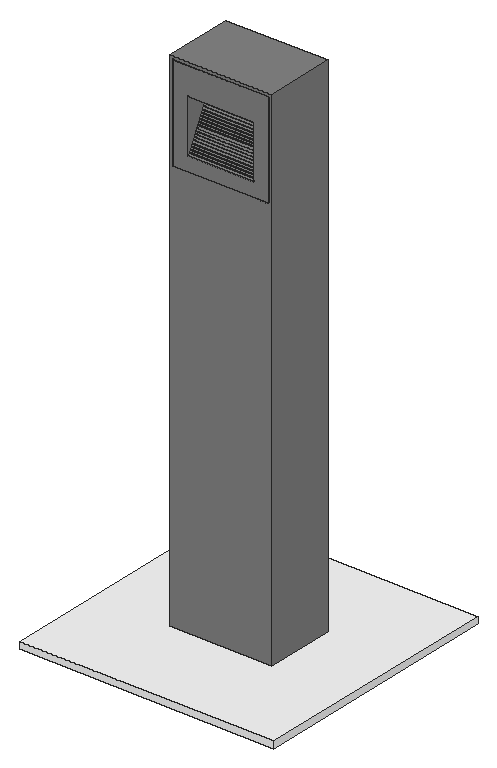
Revit family "BE_84414_de_DE", category Leuchten, Revit 2020
Family settings
  Basisbauteil = Fläche
  Bemaßung runder Anschluss = Durchmesser verwenden
  Teiletyp = Normal
  Beim Laden mit Abzugskörper schneiden = Ja
  Lichtquelle = Ja
  Gemeinsam genutzt = Nein
  Raumberechnungspunkt = Ja
Parameters (values of type "BEGA_84414_Grafit_K4")
  built-in parameter 1150104 = 18.581 (stored number, unit not read)
  Wattage = 2.9 W
  Default Elevation = 0 mm
  built-in parameter 1150113 = 1 (stored number, unit not read)
  built-in parameter 1114218 = 1 (stored number, unit not read)
  Umgebungstemperatur = "25 °C"
  URL = "https://www.bega.com/de/produkt/84414"
  Typenkommentare = "© 2022 BEGA. Wir behalten uns das Recht vor, technische Änderungen ohne vorherige Ankündigung vorzunehmen."  # constant formula
  Type Image = 84414.png
  built-in parameter 1150134 = 12
  built-in parameter 1150109 = 1 (stored number, unit not read)
  Strom = ""
  built-in parameter 1150110 = 1 (stored number, unit not read)
  Spannung = 239.996 V
  Sonderanfertigung = no
  Seriennummer [instance] = "Hier können Sie die eindeutige Seriennummer für das Facility Management eintragen."
  Schutzklasse = "I"
  Schutzart = "IP 65"
  Scheinlast = 0 VA
  Produktdatenblatt = "https://cdn.bega.com/bega/products/84414K4/current/documents/data-sheets/de"
  Neigungswinkel = 0.00°
  Modell = "84414K4"
  Material_15 = BEGA_Leuchtmedium_matt
  Material_10 = BEGA_Glas_matt
  Material_09 = BEGA_Glas_klar
  Material_01 [instance] = BEGA_Oberfläche_Grafit_matt
  M_W = no
  M_G = yes
  M_A = no
  Logo = 0
  built-in parameter 1114217 = 1 (stored number, unit not read)
  built-in parameter 1150139 = (empty or 0)
  built-in parameter 1150105 = 46.155 (stored number, unit not read)
  built-in parameter 1150114 = 1 (stored number, unit not read)
  Lumens = 580 lm
  built-in parameter 1150115 = 1 (stored number, unit not read)
  Leuchtenlichtstrom = "274 lm"
  Leuchtenanzahl = ""
  Lebensdauerkriterien = "L70B50 @ 25 °C = 200000 h"
  Lastklassifizierung = Beleuchtung
  built-in parameter 1150112 = 1 (stored number, unit not read)
  Lampenlichtstrom = "580 lm"
  Lampe = "LED 2.9 W"
  LED_Modulbezeichnung = "LED-0750/840"
  built-in parameter 1150142 = (empty or 0)
  Hersteller = "BEGA"  # constant formula
  Halbstreuwinkel = ""
  Gewicht = "8.25 kg"
  Frequenz = "0/50-60 Hz"
  Farbwiedergabeindex = "CRI > 80"
  Farbtemperaturverschiebung bei Dämpfen der Lampe = <Keine Auswahl>
  Farbtemperatur = "4000 K"
  Color Filter = 16777215
  built-in parameter 1150133 = 10 (stored number, unit not read)
  Energieeffizienzklasse = "LED A++ - A"
  built-in parameter 1150137 = (empty or 0)
  built-in parameter 1150132 = (empty or 0)
  ENEC = "ja"
  Datei für fotometrisches Netz = "BE_84414K4.IES"
  CE_Konformität = "ja"
  Bestellnummer_Erdstück [instance] = "---"
  Bestellnummer = "84414K4"
  Beschreibung_Sonderanfertigung = "Hier können Sie Informationen zur Sonderanfertigung eintragen."
  Beschreibung = "Pollerleuchte"
  built-in parameter 1150106 = 0.46155 (stored number, unit not read)
  Befestigungsbohrung = "Ø 9 mm"
  Befestigungsabstand = "125 mm"
  Ballwurfsicher = ""
  BEGA_Intern_aus = yes
  BEGA_Intern_an = yes
  BEGA_Intern_Konstruktion = yes
  BEGA_Intern = yes
  BEGA_Infotext_Winkel [instance] = no
  BEGA_Dummy = no
  Anschlussleitung = "0.5 m"
  Anschlussleistung [instance] = "4 W"
  Anschlusskasten = ""
  built-in parameter 1150107 = 4000 (stored number, unit not read)
  built-in parameter 1150102 = (empty or 0)
  built-in parameter 1150138 = (empty or 0)
  Aktualisierung = "2022-05-19T04:00:07"
  Abstand_zur_angestrahlten_Fläche [instance] = ""
  AC/DC = "AC/DC"
Types (2, lengths in mm): name | built-in parameter 1150104 | built-in parameter 1150134 | Modell | built-in parameter 1150105 | Lumens | Leuchtenlichtstrom | Lampenlichtstrom | LED_Modulbezeichnung | Farbtemperatur | Datei für fotometrisches Netz | Bestellnummer | built-in parameter 1150106 | built-in parameter 1150107
  BEGA_84414_Grafit_K3 | 18.098 (stored number, unit not read) | (empty or 0) | "84414K3" | 44.955 (stored number, unit not read) | 564.92 lm | "266 lm" | "565 lm" | "LED-0750/830" | "3000 K" | "BE_84414K3.IES" | "84414K3" | 0.44955 (stored number, unit not read) | 3000 (stored number, unit not read)
  BEGA_84414_Grafit_K4 | 18.581 (stored number, unit not read) | 12 | "84414K4" | 46.155 (stored number, unit not read) | 580 lm | "274 lm" | "580 lm" | "LED-0750/840" | "4000 K" | "BE_84414K4.IES" | "84414K4" | 0.46155 (stored number, unit not read) | 4000 (stored number, unit not read)
Reference planes
  plane 1 "Mitte (Vorne/Hinten)": y = 0
  plane 2: z = 0
  plane 3 "Mitte (Links/Rechts)": x = 0
  plane 4 "Links": x = -80
  plane 5 "Rechts": x = 80
  plane 6 "Unten": y = -55
  plane 7 "Oben": y = 55
  plane 8 "Vorne": z = 806
  plane 9 "Hinten": z = 0
Forms (mm)
  Extrusion 1, solid, material "BEGA_Platte_Weiss"
    sketch origin (0, -1119.2, 0) x (1, 0, 0) y (0, 1, 0)
      loop
        line (-200, 1319.2) -> (-200, 919.2) -> (200, 919.2) -> (200, 1319.2) -> (-200, 1319.2)
    from 0 to -10
  Extrusion 2, solid, material "BEGA_Dummy_matt", visible <- "BEGA_Dummy"
    sketch origin (80.095, -76.023, 0) x (1, 0, 0) y (0, 1, 0)
      loop
        line (-160.095, 131.023) -> (-160.095, 21.023) -> (-0.095, 21.023) -> (-0.095, 131.023) -> (-160.095, 131.023)
    from 0 to 806
Dimensions and locks
  plane 1 "Mitte (Vorne/Hinten)" to Extrusion 1 = 200 mm
  aligned and locked: Extrusion 1 to plane 2
  aligned and locked: Extrusion 1 to level
Nested families
  nested 1: "BE_84414" at (0, 0, 0), type "BE_84414"
Connectors
  electrical at (0, 0, 0), driven by "Lastklassifizierung", driven by "Spannung", driven by "Scheinlast"
    settings: index 1, voltage 239.996 V, apparent load 0 VA, apparent load phase1 0 VA, apparent load phase2 0 VA, apparent load phase3 0 VA, power factor 1, load classification "Beleuchtung", number of poles 1, system type 31, power factor state 1, is connector primary yes, connector utility no, sub classification motor no, connector description ""
Definition of nested family "BE_84414"
  Parameters (values of type "BE_84414")
    Default Elevation = 1 mm
    URL = "http://www.bega.de/de/produkt"
    Type Comments = "© 2015 BEGA. Wir behalten uns das Recht vor, technische Änderungen ohne vorherige Ankündigung vorzunehmen. "  # constant formula
    Type Image = (empty or 0)
    Material_15 = none
    Material_09 = none
    Material_01 = none
    M_W = no
    M_G = yes
    M_A = no
    Länge_Platte = 200 mm  # constant formula
    Höhe_Platte = -10 mm  # constant formula
    Manufacturer = "BEGA"  # constant formula
    Breite_Platte = 200 mm  # constant formula
  Reference planes
    plane 1 "Mitte (Oben/Unten)": y = 0
    plane 2: z = 0
    plane 3 "Mitte (Links/Rechts)": x = 0
    plane 4: x = -80
    plane 5: y = 55
    plane 6: x = 80
    plane 7: y = -55
    plane 8: z = 806
  Forms (mm)
    Extrusion 1, solid, detail levels medium
      sketch origin (0, 0, 0) x (1, 0, 0) y (0, 1, 0)
        loop
          line (-100, 100) -> (-100, -100) -> (100, -100) -> (100, 100) -> (-100, 100)
      from 0 to -10 <- "Höhe_Platte"
    Extrusion 2, solid, material <- "Material_01"
      sketch origin (0, 0, 0) x (1, 0, 0) y (0, 1, 0)
        loop
          line (-80, 55) -> (-80, -55) -> (80, -55) -> (80, 55) -> (-80, 55)
      from 0 to 806
    Extrusion 3, void
      sketch origin (0, 0, 0) x (1, 0, 0) y (0, 0, -1)
        loop
          line (52.215, -784.019) -> (52.215, -655.398) -> (-52.026, -655.398) -> (-52.026, -784.019) -> (52.215, -784.019)
      from -55 to -5.9
    Extrusion 4, void
      sketch origin (0, 0, 0) x (1, 0, 0) y (0, 0, -1)
        loop
          line (75.458, -801.5) -> (75.458, -650.5) -> (-75.542, -650.5) -> (-75.542, -801.5) -> (75.458, -801.5)
      from -55 to -49.31
    Extrusion 5, solid, material <- "Material_01"
      sketch origin (0, 0, 0) x (1, 0, 0) y (0, 0, -1)
        loop
          line (74.958, -801) -> (74.958, -651) -> (-75.042, -651) -> (-75.042, -801) -> (74.958, -801)
        loop
          line (52.215, -757.17) -> (52.215, -673.647) -> (-52.026, -673.647) -> (-52.026, -757.17) -> (52.215, -757.17)
      from -55 to -49.31
    Extrusion 6, solid, material <- "Material_01"
      sketch origin (0, 0, 0) x (0, 1, 0) y (0, 0, 1)
        loop
          line (-54.965, 673.647) -> (-52.168, 673.647) -> (-10.85, 754.737) -> (-13.046, 754.93) -> (-14.851, 752.293) -> (-14.768, 751.502) -> (-16.667, 748.729) -> (-16.584, 747.938) -> (-18.483, 745.165) -> (-18.4, 744.374) -> (-20.299, 741.601) -> (-20.216, 740.81) -> (-22.115, 738.037) -> (-22.032, 737.246) -> (-23.931, 734.473) -> (-23.848, 733.682) -> (-25.747, 730.909) -> (-25.664, 730.118) -> (-27.563, 727.345) -> (-27.48, 726.554) -> (-29.379, 723.781) -> (-29.296, 722.99) -> (-31.195, 720.217) -> (-31.112, 719.426) -> (-33.011, 716.653) -> (-32.928, 715.862) -> (-34.827, 713.089) -> (-34.744, 712.298) -> (-36.643, 709.525) -> (-36.56, 708.734) -> (-38.459, 705.961) -> (-38.375, 705.17) -> (-40.275, 702.397) -> (-40.191, 701.606) -> (-42.091, 698.832) -> (-42.007, 698.042) -> (-43.906, 695.268) -> (-43.823, 694.478) -> (-45.722, 691.704) -> (-45.639, 690.914) -> (-47.538, 688.14) -> (-47.455, 687.35) -> (-49.354, 684.576) -> (-49.271, 683.786) -> (-51.158, 681.03) -> (-51.087, 680.222) -> (-52.986, 677.448) -> (-52.903, 676.657) -> (-54.965, 673.647)
      from -52.026 to 52.215
    Extrusion 7, solid, material <- "Material_09"
      sketch origin (0, 0, 0) x (0, 1, 0) y (0, 0, 1)
        loop
          line (-51.7, 763.029) -> (-52.049, 759.045) -> (-6.722, 755.079) -> (-6.373, 759.064) -> (-51.7, 763.029)
      from -52.026 to 52.215
    Extrusion 8, solid, material <- "Material_15"
      sketch origin (0, 0, 0) x (0, 1, 0) y (0, 0, 1)
        loop
          line (-5.9, 784.019) -> (-8.358, 784.019) -> (-8.358, 764.019) -> (-5.9, 764.019) -> (-5.9, 784.019)
      from -52.026 to 52.215
  Cuts and joins
    Extrusion 3, Extrusion 4 cuts Extrusion 2
    joined: Extrusion 2, Extrusion 5
  Dimensions and locks
    equal spacing: Extrusion 1 sketch curve, plane 3 "Mitte (Links/Rechts)", Extrusion 1 sketch curve
    equal spacing: Extrusion 1 sketch curve, plane 1 "Mitte (Oben/Unten)", Extrusion 1 sketch curve
    "Länge_Platte": Extrusion 1 sketch curve to Extrusion 1 sketch curve
    "Breite_Platte": Extrusion 1 sketch curve to Extrusion 1 sketch curve
    aligned and locked: Extrusion 1 to plane 2
    aligned and locked: level to Extrusion 1
  Automatic sketch dimensions
    Extrusion 2 sketch curve to plane 3 "Mitte (Links/Rechts)" = 80 mm
    plane 3 "Mitte (Links/Rechts)" to Extrusion 2 sketch curve = 80 mm
    plane 1 "Mitte (Oben/Unten)" to Extrusion 2 sketch curve = 55 mm
    Extrusion 2 sketch curve to plane 1 "Mitte (Oben/Unten)" = 55 mm
    Extrusion 3 sketch curve to plane 3 "Mitte (Links/Rechts)" = 52.026 mm
    plane 3 "Mitte (Links/Rechts)" to Extrusion 3 sketch curve = 52.215 mm
    level to Extrusion 3 sketch curve = 784.019 mm
    Extrusion 3 sketch curve to Extrusion 3 sketch curve = 128.621 mm
    Extrusion 4 sketch curve to plane 3 "Mitte (Links/Rechts)" = 75.542 mm
    plane 3 "Mitte (Links/Rechts)" to Extrusion 4 sketch curve = 75.458 mm
    level to Extrusion 4 sketch curve = 801.5 mm
    Extrusion 4 sketch curve to Extrusion 4 sketch curve = 151 mm
    Extrusion 5 sketch curve to plane 3 "Mitte (Links/Rechts)" = 75.042 mm
    Extrusion 5 sketch curve to Extrusion 5 sketch curve = 23.016 mm
    plane 3 "Mitte (Links/Rechts)" to Extrusion 5 sketch curve = 52.215 mm
    Extrusion 5 sketch curve to Extrusion 5 sketch curve = 22.743 mm
    level to Extrusion 5 sketch curve = 801 mm
    Extrusion 5 sketch curve to Extrusion 5 sketch curve = 43.83 mm
    Extrusion 5 sketch curve to Extrusion 5 sketch curve = 83.523 mm
    Extrusion 5 sketch curve to Extrusion 5 sketch curve = 22.647 mm
    plane 7 to Extrusion 6 sketch curve = 0.035 mm
    plane 7 to Extrusion 6 sketch curve = 2.097 mm
    Extrusion 6 sketch curve to Extrusion 6 sketch curve = 2.797 mm
    plane 7 to Extrusion 6 sketch curve = 3.913 mm
    Extrusion 6 sketch curve to Extrusion 6 sketch curve = 1.816 mm  (x20)
    Extrusion 6 sketch curve to plane 8 = 132.353 mm
    Extrusion 6 sketch curve to Extrusion 6 sketch curve = 3.011 mm
    Extrusion 6 sketch curve to Extrusion 6 sketch curve = 3.564 mm  (x20)
    Extrusion 6 sketch curve to Extrusion 6 sketch curve = 0.083 mm  (x21)
    Extrusion 6 sketch curve to Extrusion 6 sketch curve = 0.071 mm
    Extrusion 6 sketch curve to Extrusion 6 sketch curve = 1.806 mm
    Extrusion 6 sketch curve to Extrusion 6 sketch curve = 2.195 mm
    Extrusion 6 sketch curve to Extrusion 6 sketch curve = 0.791 mm  (x21)
    Extrusion 6 sketch curve to Extrusion 6 sketch curve = 0.809 mm
    Extrusion 6 sketch curve to Extrusion 6 sketch curve = 3.235 mm
    Extrusion 6 sketch curve to Extrusion 6 sketch curve = 2.637 mm
    Extrusion 6 sketch curve to Extrusion 6 sketch curve = 2.773 mm
    plane 7 to Extrusion 7 sketch curve = 3.3 mm
    Extrusion 7 sketch curve to plane 8 = 42.971 mm
    plane 7 to Extrusion 7 sketch curve = 2.951 mm
    plane 1 "Mitte (Oben/Unten)" to Extrusion 7 sketch curve = 6.373 mm
    Extrusion 7 sketch curve to Extrusion 7 sketch curve = 3.966 mm
    Extrusion 7 sketch curve to Extrusion 7 sketch curve = 3.985 mm  (x2)
    Extrusion 7 sketch curve to Extrusion 7 sketch curve = 0.349 mm
    plane 1 "Mitte (Oben/Unten)" to Extrusion 8 sketch curve = 8.358 mm
    Extrusion 8 sketch curve to Extrusion 8 sketch curve = 2.458 mm
    Extrusion 8 sketch curve to plane 8 = 41.981 mm
    Extrusion 8 sketch curve to Extrusion 8 sketch curve = 20 mm
